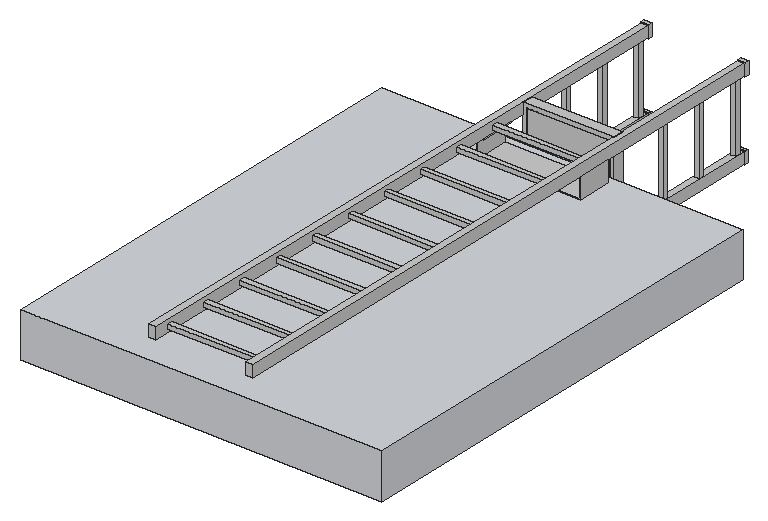
Revit family
Parameters (values of type "24in Width")
  numrungcalcd [instance] = if(FF to Top of Parapet + 0' 5" - Ladder Base Offset - 1' 0 5/8" - ((numrungcalcc - 1) * 1' 0") > 1' 2", numrungcalcc + 1, numrungcalcc)  # 10
  numrungcalcc [instance] = (FF to Top of Parapet + 0' 5" - 1' 0 5/8" - Ladder Base Offset) / 1' 0"  # 9
  numrungcalca [instance] = FF to Top of Parapet + 0' 5" - Ladder Base Offset - 1' 0 5/8" - ((numrungcalcc - 1) * 1' 0")  # 1' - 4 3/8"
  Warranty Duration (Years) = 0
  Unit Width_Outside Frame [instance] = if(1 = 1, Unit Width + (0' 1 3/4" * 2), 0' 0")  # 2' - 3 1/2"
  Unit Width = 2' - 0"
  Unit Height [instance] = FF to Top of Parapet + 3' 8 1/2" - Ladder Base Offset  # 13' - 8 1/2"
  URL = "http://www.okeeffes.com/"
  Top Decking to Top Bracket CL [instance] = 0' - 6 5/8"  # constant formula
  Test Data = ""
  Standards Conformance = "OSHA 1910.27"
  Specification = ""
  SpecWizard = ""
  Send Message = ""
  Sales Information = "http://www.okeeffes.com/contact-us.php"
  Revision = "R1_2015-11"
  Projection from Host [instance] = 0' - 7"
  Product Properties = ""
  Product Data = "http://www.arcat.com/arcatcos/cos34/arc34555.html"
  Platform Length [instance] = 2' - 0"
  Platform Finish [instance] = Metal - Aluminum - O'Keeffe's - Standard Mill Treaded
  Number of Rungs [instance] = numrungcalcd  # 10
  Model = "Model 503A"
  Manufacturer Website = "http://www.okeeffes.com/"
  Manufacturer Phone - Toll Free = "888-653-3333"
  Manufacturer Phone = "415-822-4222"
  Manufacturer Fax = "415-822-5222"
  Manufacturer Address = "100 N. Hill Dr.   Suite 12   Brisbane, CA 94005"
  Manufacturer = "O'Keeffe's, Inc"
  Maintenance Schedule (Months) = 0
  Ladder_Off Floor Mounted [instance] = not(Ladder_Floor Mounted)  # no
  Ladder_Floor Mounted [instance] = yes
  Ladder Base Offset [instance] = if(Ladder_Floor Mounted, 0' 0", 0' 4")  # 0' - 0"
  Keynote = "05515"
  Installation-Fabrication = ""
  Installation Phase = ""
  Include Security Door [instance] = no
  Green Building-LEED = ""
  Frame Finish [instance] = Metal - Aluminum - O'Keeffe's - Standard Mill
  FF to Top of Parapet [instance] = 10' - 0"
  FF to Bottom Rung CL [instance] = FF to Top of Parapet + 0' 5" - ((Number of Rungs - 1) * 1' 0") - 1' 0 5/8"  # 0' - 4 3/8"
  FF to Bottom Bracket CL [instance] = 0' - 11"
  Expected Lifespan (Years) = 0
  Drawn By = "Sumex Design, Inc. / Robert S. Weygant, CSI, CDT, SCIP"
  Description = "O'Keeffe's Model 503A Low Parapet Access Ladder - 24in Width as Specified"
  Default Elevation = 0' - 0"
  Copyright = "©Arcat Inc."
  Construction Details = ""
  Capacity = "1500 lbs per Rung"
  Building Codes = ""
  Available Options [instance] = "[Intermediate Brackets][Extended Intermediate Brackets][Fall Arrest System][Safety Post for Roof Hatch]"
  Assembly Code = "B1010700"
Reference planes (in)
  plane 1 "SecDoor": y = 47.5395
  plane 2: z = 0
  plane 3 "Center (Left/Right)": x = 0
  plane 4: x = -12
  plane 5: x = 12
  plane 6 "Ladder CL": z = 7
  plane 7 "FF": y = -46.4605
  plane 8 "Deck Level": y = 73.5395
  plane 9: y = 118.0395
  plane 10: y = -46.4605
  plane 11: y = 65.9145
  plane 12: y = 66.9145
  plane 13: y = -35.4605
  plane 14: y = 114.9145
  plane 15: y = 102.9145
  plane 16: y = 90.9145
  plane 17: z = -14
  plane 18: y = 78.5395
  plane 19: z = -15.5
  plane 20: z = 8.5
  plane 21: y = 75.5395
Forms (in)
  Extrusion 1, solid
    sketch origin (0, 0, 0) x (1, 0, 0) y (0, 1, 0)
      loop
        line (-48, 73.5395) -> (-48, -46.4605) -> (48, -46.4605) -> (48, 73.5395) -> (-48, 73.5395)
    from 0 to -12
  Extrusion 2, solid, material "Metal - Aluminum - O'Keeffe's - Standard Mill" <- "Frame Finish"
    sketch origin (0, 47.5395, 0) x (1, 0, 0) y (0, 0, 1)
      loop
        line (-12, 5.5) -> (-12, 8.5) -> (-13.75, 8.5) -> (-13.75, 5.5) -> (-12, 5.5)
      loop
        line (12, 5.5) -> (13.75, 5.5) -> (13.75, 8.5) -> (12, 8.5) -> (12, 5.5)
    from -70.5 to 94
  Extrusion 3, solid, material "Metal - Aluminum - O'Keeffe's - Standard Mill" <- "Frame Finish"
    sketch origin (0, 66.9145, -2.26987) x (0, 0, -1) y (1, 0, 0)
      loop
        line (-7.76987, -12) -> (-7.76987, -13.75) -> (-2.26987, -13.75) -> (-2.26987, 13.75) -> (-7.76987, 13.75) -> (-7.76987, 12) -> (-7.58237, 12) -> (-7.58237, 13.5625) -> (-2.45737, 13.5625) -> (-2.45737, -13.5625) -> (-7.58237, -13.5625) -> (-7.58237, -12) -> (-7.76987, -12)
    from -4.5 to 4.5
  Extrusion 4, solid, material "Metal - Aluminum - O'Keeffe's - Standard Mill" <- "Frame Finish", visible <- "Ladder_Off Floor Mounted"
    sketch origin (0, -35.4605, 13.06054) x (0, 0, 1) y (1, 0, 0)
      loop
        line (-7.56054, -12) -> (-7.74804, -12) -> (-7.74804, -13.5625) -> (-12.87304, -13.5625) -> (-12.87304, 13.5625) -> (-7.74804, 13.5625) -> (-7.74804, 12) -> (-7.56054, 12) -> (-7.56054, 13.75) -> (-13.06054, 13.75) -> (-13.06054, -13.75) -> (-7.56054, -13.75) -> (-7.56054, -12)
    from -4.5 to 4.5
  Extrusion 5, solid, material "Metal - Aluminum - O'Keeffe's - Standard Mill" <- "Frame Finish"
    sketch origin (-15.17702, -180, 7) x (-1, 0, 0) y (0, -1, 0)
      loop
        line (-2.67702, -298.0395) -> (-1.30202, -298.0395) -> (-1.30202, -297.0395) -> (-3.30202, -297.0395) -> (-3.30202, -298.0395) -> (-2.67702, -298.0395)
      loop
        line (-27.67702, -298.0395) -> (-27.05202, -298.0395) -> (-27.05202, -297.0395) -> (-29.05202, -297.0395) -> (-29.05202, -298.0395) -> (-27.67702, -298.0395)
    from -1.625 to 1.625
  Extrusion 6, solid, material "Metal - Aluminum - O'Keeffe's - Standard Mill" <- "Frame Finish", visible <- "Include Security Door"
    sketch origin (-26.52564, -46.4605, 48) x (1, 0, 0) y (0, 0, 1)
      loop
        line (40.27564, -39.25) -> (12.52564, -39.25) -> (12.52564, -40.25) -> (12.77564, -40.25) -> (12.77564, -48) -> (40.27564, -48) -> (40.27564, -39.25)
    from -4 to -94
  Extrusion 7, solid, material "Metal - Aluminum - O'Keeffe's - Standard Mill" <- "Frame Finish"
    sketch origin (12, 19.13326, 48) x (0, 1, 0) y (0, 0, 1)
      loop
        line (71.15623, -62.625) -> (96.40623, -62.625) -> (96.40623, -41) -> (95.15623, -41) -> (95.15623, -61.375) -> (84.40623, -61.375) -> (84.40623, -41) -> (83.15623, -41) -> (83.15623, -61.375) -> (72.40623, -61.375) -> (72.40623, -41) -> (71.15623, -41) -> (71.15623, -62.625)
    from 0.25 to 1.5
  Extrusion 8, solid, material "Metal - Aluminum - O'Keeffe's - Standard Mill" <- "Frame Finish"
    sketch origin (-12, 19.13326, 48) x (0, 1, 0) y (0, 0, 1)
      loop
        line (71.15623, -62.625) -> (96.40623, -62.625) -> (96.40623, -41) -> (95.15623, -41) -> (95.15623, -61.375) -> (84.40623, -61.375) -> (84.40623, -41) -> (83.15623, -41) -> (83.15623, -61.375) -> (72.40623, -61.375) -> (72.40623, -41) -> (71.15623, -41) -> (71.15623, -62.625)
    from -0.25 to -1.5
  Extrusion 9, solid, material "Metal - Aluminum - O'Keeffe's - Standard Mill" <- "Frame Finish"
    sketch origin (0, 47.5395, 0) x (1, 0, 0) y (0, 0, 1)
      loop
        line (-12, -15.5) -> (-12, -12.5) -> (-13.75, -12.5) -> (-13.75, -15.5) -> (-12, -15.5)
      loop
        line (12, -12.5) -> (12, -15.5) -> (13.75, -15.5) -> (13.75, -12.5) -> (12, -12.5)
    from -70.5 to -28
  Extrusion 10, solid, material "Metal - Aluminum - O'Keeffe's - Standard Mill" <- "Frame Finish"
    sketch origin (-60, 78.5395, 48) x (-1, 0, 0) y (0, 0, 1)
      loop
        line (-48, -39.5) -> (-72, -39.5) -> (-72, -63.5) -> (-48, -63.5) -> (-48, -39.5)
      loop
        line (-49, -62.5) -> (-49, -40.5) -> (-71, -40.5) -> (-71, -62.5) -> (-49, -62.5)
    from 0 to -3
  Extrusion 11, solid, material "Metal - Aluminum - O'Keeffe's - Standard Mill Treaded" <- "Platform Finish"
    sketch origin (-60, 78.5395, 48) x (-1, 0, 0) y (0, 0, 1)
      loop
        line (-49, -62.5) -> (-49, -40.5) -> (-71, -40.5) -> (-71, -62.5) -> (-49, -62.5)
    from -0.25 to -3
  Extrusion 12, solid, material "Metal - Aluminum - O'Keeffe's - Standard Mill" <- "Frame Finish"
    sketch origin (-15.17702, -180, -15.5) x (-1, 0, 0) y (0, -1, 0)
      loop
        line (-3.30202, -297.0395) -> (-3.30202, -298.0395) -> (-1.30202, -298.0395) -> (-1.30202, -297.0395) -> (-3.30202, -297.0395)
      loop
        line (-27.05202, -298.0395) -> (-27.05202, -297.0395) -> (-29.05202, -297.0395) -> (-29.05202, -298.0395) -> (-27.05202, -298.0395)
    from -0.125 to 3.125
Cuts and joins
  joined: Extrusion 2, Extrusion 5, Extrusion 7, Extrusion 8, Extrusion 9, Extrusion 12
Lines and regions (in)
  model lines, style "GenericModelHiddenLines", visible <- "Include Security Door"
    curve 1: line (13.75, 47.5395, 8.75) -> (-14, 2.5395, 8.75)
    curve 2: line (-14, 2.5395, 8.75) -> (13.75, -42.4605, 8.75)
Dimensions and locks (in)
  "Projection from Host": plane 6 "Ladder CL" to level
  equal spacing: plane 4, plane 3 "Center (Left/Right)", plane 5
  "Unit Width": plane 4 to plane 5
  "FF to Top of Parapet": plane 7 "FF" to plane 8 "Deck Level"
  "Unit Height": plane 9 to plane 10
  "Ladder Base Offset": plane 10 to plane 7 "FF"
  equal spacing: group 1, group 2, group 3, group 4, group 5, group 6, group 7, group 8, group 9, group 10
  equal spacing: group 10, group 9, group 8, group 7, group 6, group 5, group 4, group 3, group 2, group 1  (x2)
  locked: nested 1 to nested 2 at 12
  "Top Decking to Top Bracket CL": plane 12 to plane 8 "Deck Level"
  "FF to Bottom Bracket CL": plane 10 to plane 13
  plane 4 to Extrusion 3 sketch curve to Extrusion 3 sketch curve = 0' - 1 9/16" locked, 0' - 0 3/16" locked
  Extrusion 3 sketch curve to Extrusion 3 sketch curve to plane 5 = 0' - 0 3/16" locked, 0' - 1 9/16" locked
  plane 4 to Extrusion 4 sketch curve to Extrusion 4 sketch curve = 0' - 1 9/16" locked, 0' - 0 3/16" locked
  Extrusion 4 sketch curve to Extrusion 4 sketch curve to plane 5 = 0' - 0 3/16" locked, 0' - 1 9/16" locked
  Extrusion 5 sketch curve to plane 4 to Extrusion 5 sketch curve = 0' - 1 7/8" locked, 0' - 0 1/8" locked
  Extrusion 5 sketch curve to plane 5 to Extrusion 5 sketch curve = 0' - 0 1/8" locked, 0' - 1 7/8" locked
  locked: plane 7 "FF" to plane 1 "SecDoor" at 94
  locked: plane 4 to Extrusion 6 sketch curve at 2
  locked: Extrusion 6 sketch curve to plane 6 "Ladder CL" at 1.75
  locked: Extrusion 6 sketch curve to plane 6 "Ladder CL" at 0.75
  locked: plane 4 to Extrusion 6 sketch curve at 1.75
  locked: Extrusion 6 sketch curve to plane 5 at 1.75
  locked: plane 4 to Extrusion 2 sketch curve at 1.75
  locked: Extrusion 2 sketch curve to plane 5 at 1.75
  Extrusion 7 sketch curve to plane 16 to Extrusion 7 sketch curve = 0' - 0 5/8" locked, 0' - 0 5/8" locked
  Extrusion 7 sketch curve to plane 15 to Extrusion 7 sketch curve = 0' - 0 5/8" locked, 0' - 0 5/8" locked
  Extrusion 7 sketch curve to plane 14 to Extrusion 7 sketch curve = 0' - 0 5/8" locked, 0' - 0 5/8" locked
  locked: Extrusion 7 sketch curve to plane 17 at 0.625
  Extrusion 8 sketch curve to plane 16 to Extrusion 8 sketch curve = 0' - 0 5/8" locked, 0' - 0 5/8" locked
  Extrusion 8 sketch curve to plane 15 to Extrusion 8 sketch curve = 0' - 0 5/8" locked, 0' - 0 5/8" locked
  Extrusion 8 sketch curve to plane 14 to Extrusion 8 sketch curve = 0' - 0 5/8" locked, 0' - 0 5/8" locked
  locked: plane 17 to Extrusion 8 sketch curve at 0.625
  locked: plane 18 to plane 8 "Deck Level" at 5
  locked: plane 18 to plane 11 at 12.625
  locked: plane 20 to plane 6 "Ladder CL" at 1.5
  "Platform Length": plane 20 to plane 19
  locked: Extrusion 9 sketch curve to plane 19 at 3  (x2)
  locked: Extrusion 9 sketch curve to plane 5 at 1.75
  locked: plane 4 to Extrusion 9 sketch curve at 1.75
  locked: plane 21 to plane 18 at 3
  locked: plane 14 to plane 9 at 3.125
  locked: plane 15 to plane 14 at 12
  locked: plane 16 to plane 15 at 12
  locked: plane 17 to plane 19 at 1.5
  locked: plane 20 to Extrusion 10 sketch curve at 1
  locked: Extrusion 10 sketch curve to plane 4 at 1
  locked: plane 5 to Extrusion 10 sketch curve at 1
  locked: Extrusion 10 sketch curve to plane 19 at 1
  locked: plane 20 to Extrusion 11 sketch curve at 1
  locked: Extrusion 11 sketch curve to plane 19 at 1
  locked: Extrusion 11 sketch curve to plane 4 at 1
  locked: plane 5 to Extrusion 11 sketch curve at 1
  Extrusion 12 sketch curve to plane 5 to Extrusion 12 sketch curve = 0' - 0 1/8" locked, 0' - 1 7/8" locked
  Extrusion 12 sketch curve to plane 4 to Extrusion 12 sketch curve = 0' - 1 7/8" locked, 0' - 0 1/8" locked
  locked: plane 9 to Extrusion 12 sketch curve at 1  (x2)
  aligned and locked: plane 2 to Extrusion 1
  aligned and locked: level to Extrusion 1
  aligned and locked: Extrusion 2 to plane 10
  aligned and locked: plane 9 to Extrusion 2
  aligned and locked: plane 6 "Ladder CL" to nested 1
  aligned and locked: plane 3 "Center (Left/Right)" to nested 1
  aligned and locked: nested 1 to plane 11
  aligned and locked: Extrusion 3 sketch curve to plane 5
  aligned and locked: Extrusion 3 sketch curve to plane 4
  aligned and locked: Extrusion 4 sketch curve to plane 4
  aligned and locked: Extrusion 4 sketch curve to plane 5
  aligned and locked: Extrusion 6 to plane 1 "SecDoor"
  aligned and locked: plane 6 "Ladder CL" to Extrusion 7 sketch curve  (x3)
  aligned and locked: Extrusion 8 sketch curve to plane 6 "Ladder CL"  (x3)
  aligned and locked: Extrusion 9 sketch curve to plane 4
  aligned and locked: plane 5 to Extrusion 9 sketch curve
  aligned and locked: Extrusion 9 to plane 9
  aligned and locked: plane 21 to Extrusion 9
  aligned and locked: Extrusion 10 sketch curve to plane 5
  aligned and locked: Extrusion 10 sketch curve to plane 4
  aligned and locked: plane 19 to Extrusion 10 sketch curve
  aligned and locked: plane 20 to Extrusion 10 sketch curve
  aligned and locked: plane 21 to Extrusion 10
  aligned and locked: plane 9 to Extrusion 12 sketch curve  (x2)
  aligned and locked: plane 6 "Ladder CL" to nested 2
Automatic sketch dimensions
  Extrusion 1 sketch curve to Extrusion 1 sketch curve = 8' - 0"
  Extrusion 1 sketch curve to Extrusion 1 sketch curve = 10' - 0"
  curve 2 to Extrusion 6 = 0' - 0"  (x2)
  curve 1 to Extrusion 6 = 0' - 0"  (x2)
  Extrusion 6 to curve 1 = 0' - 0"
  Extrusion 6 to curve 2 = 3' - 9"
  Extrusion 2 sketch curve to plane 4 = 0' - 0"
  Extrusion 2 sketch curve to plane 5 = 0' - 0"
  Extrusion 2 sketch curve to plane 6 "Ladder CL" = 0' - 1 1/2"  (x2)
  plane 6 "Ladder CL" to Extrusion 2 sketch curve = 0' - 1 1/2"  (x2)
  Extrusion 5 sketch curve to plane 9 = 0' - 0"  (x2)
  plane 5 to Extrusion 5 sketch curve = 0' - 0 1/2"
  Extrusion 5 sketch curve to plane 4 = 0' - 0 1/2"
  Extrusion 5 sketch curve to plane 9 = 0' - 1"  (x2)
  Extrusion 6 sketch curve to level = 0' - 0"
  Extrusion 4 sketch curve to level = 0' - 0"
  level to Extrusion 4 sketch curve = 0' - 0 3/16"
  Extrusion 4 sketch curve to plane 6 "Ladder CL" = 0' - 1 11/16"  (x2)
  Extrusion 4 sketch curve to Extrusion 4 sketch curve = 0' - 0 3/16"  (x2)
  Extrusion 3 sketch curve to level = 0' - 0"
  level to Extrusion 3 sketch curve = 0' - 0 3/16"
  Extrusion 3 sketch curve to plane 6 "Ladder CL" = 0' - 1 11/16"  (x2)
  Extrusion 3 sketch curve to Extrusion 3 sketch curve = 0' - 0 3/16"  (x2)
  Extrusion 9 sketch curve to plane 19 = 0' - 0"  (x2)
  Extrusion 7 sketch curve to plane 17 = 0' - 0 5/8"  (x2)
  Extrusion 8 sketch curve to plane 17 = 0' - 0 5/8"  (x2)
Nested families (in)
  nested 1: "Square Rung" at (0, 65.9145, 7) x (0, 1, 0) z (0, 0, 1), rung width <- "Unit Width", finish <- "Frame Finish", type "Square Rung"
    with rung width 2' - 0", finish Metal - Aluminum - O'Keeffe's - Standard Mill
  nested 2: "Square Rung" at (0, 53.9145, 7) x (0, 1, 0) z (0, 0, 1), rung width <- "Unit Width", finish <- "Frame Finish", type "Square Rung"
    with rung width 2' - 0", finish Metal - Aluminum - O'Keeffe's - Standard Mill
  nested 3: "Square Rung" at (0, 41.9145, 7) x (0, 1, 0) z (0, 0, 1), rung width <- "Unit Width", finish <- "Frame Finish", type "Square Rung"
    with rung width 2' - 0", finish Metal - Aluminum - O'Keeffe's - Standard Mill
  nested 4: "Square Rung" at (0, 29.9145, 7) x (0, 1, 0) z (0, 0, 1), rung width <- "Unit Width", finish <- "Frame Finish", type "Square Rung"
    with rung width 2' - 0", finish Metal - Aluminum - O'Keeffe's - Standard Mill
  nested 5: "Square Rung" at (0, 17.9145, 7) x (0, 1, 0) z (0, 0, 1), rung width <- "Unit Width", finish <- "Frame Finish", type "Square Rung"
    with rung width 2' - 0", finish Metal - Aluminum - O'Keeffe's - Standard Mill
  nested 6: "Square Rung" at (0, 5.9145, 7) x (0, 1, 0) z (0, 0, 1), rung width <- "Unit Width", finish <- "Frame Finish", type "Square Rung"
    with rung width 2' - 0", finish Metal - Aluminum - O'Keeffe's - Standard Mill
  nested 7: "Square Rung" at (0, -6.0855, 7) x (0, 1, 0) z (0, 0, 1), rung width <- "Unit Width", finish <- "Frame Finish", type "Square Rung"
    with rung width 2' - 0", finish Metal - Aluminum - O'Keeffe's - Standard Mill
  nested 8: "Square Rung" at (0, -18.0855, 7) x (0, 1, 0) z (0, 0, 1), rung width <- "Unit Width", finish <- "Frame Finish", type "Square Rung"
    with rung width 2' - 0", finish Metal - Aluminum - O'Keeffe's - Standard Mill
  nested 9: "Square Rung" at (0, -30.0855, 7) x (0, 1, 0) z (0, 0, 1), rung width <- "Unit Width", finish <- "Frame Finish", type "Square Rung"
    with rung width 2' - 0", finish Metal - Aluminum - O'Keeffe's - Standard Mill
  nested 10: "Square Rung" at (0, -42.0855, 7) x (0, 1, 0) z (0, 0, 1), rung width <- "Unit Width", finish <- "Frame Finish", type "Square Rung"
    with rung width 2' - 0", finish Metal - Aluminum - O'Keeffe's - Standard Mill
Definition of nested family "Square Rung"
  Parameters (values of type "Square Rung")
    rung width [instance] = 2' - 4"
    finish [instance] = none
    Assembly Code = ""
  Reference planes (in)
    plane 1 "Center (Front/Back)": y = 0
    plane 2: z = 0
    plane 3 "Center (Left/Right)": x = 0
    plane 4: y = 14
    plane 5: y = -14
  Forms (in)
    Extrusion 1, solid, material <- "finish"
      sketch origin (0, 0, 0) x (0, -1, 0) y (1, 0, 0)
        loop
          line (-14, 0.625) -> (-14, -0.625) -> (14, -0.625) -> (14, 0.625) -> (-14, 0.625)
      from 0.625 to -0.625
  Dimensions and locks (in)
    equal spacing: plane 5, plane 1 "Center (Front/Back)", plane 4
    "rung width": plane 5 to plane 4
    aligned and locked: plane 2 to level
  Automatic sketch dimensions
    plane 4 to Extrusion 1 sketch curve = 0' - 0"
    plane 5 to Extrusion 1 sketch curve = 0' - 0"
    Extrusion 1 sketch curve to plane 3 "Center (Left/Right)" = 0' - 0 5/8"
    plane 3 "Center (Left/Right)" to Extrusion 1 sketch curve = 0' - 0 5/8"
